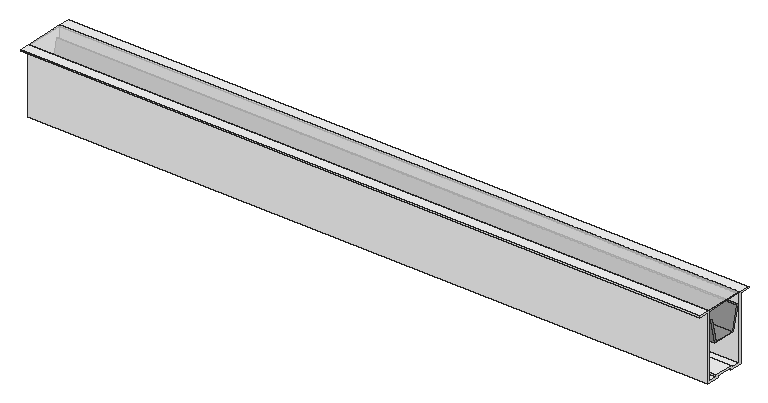
Revit family "2093165 Sylvania Lighting Fixture MC2 TRIM 0-9M 3K DALI WHT OPAL", category Lighting Fixtures, host Face, Revit 2016
Family settings
  Host = Face
  Part Type = Normal
  Round Connector Dimension = Use Diameter
  OmniClass Number = 23.80.70.11.17
  OmniClass Title = Specialized Lighting by Location or Use
  Cut with Voids When Loaded = No
  Light Source = Yes
  Shared = No
  Room Calculation Point = No
Parameters (values of type "2093165 MC2 TRIM 0.9M 3K DALI WHT OPAL")
  Width_SYL = 54.0 mm
  Weight = "1.8 kg"
  Wattage = 16 W
  WarrantyStartDate [instance] = "n/a"
  WarrantyGuarantorParts = "n/a"
  WarrantyDurationUnit = "n/a"
  WarrantyDurationParts = "n/a"
  WarrantyDescription = "n/a"
  built-in parameter 1150110 = 1 (stored number, unit not read)
  Voltage = 0 V
  URL = "http://www.sylvania-lighting.com"
  TypeName = "MC2 TRIM 0.9M 3K DALI WHT OPAL"
  built-in parameter 1114217 = 1 (stored number, unit not read)
  Tilt Angle = -90.00°
  built-in parameter 1150109 = 1 (stored number, unit not read)
  built-in parameter 1150134 = (empty or 0)
  built-in parameter 1150113 = 1 (stored number, unit not read)
  SerialNumber [instance] = "n/a"
  PowerFactor = 0.95
  PowerConsumption = "16 W"
  NominalWidth = 0.0 mm
  NominalLength = 900.0 mm
  NominalHeight = 86.0 mm
  Name = "MC2 TRIM 0.9M 3K DALI WHT OPAL"
  ModelReference = "MC2 TRIM 0.9M 3K DALI WHT OPAL"
  ModelNumber = "2093165"
  Material_3_SYL = Metal_Sylvania_Mini Contiuum II_Silver
  Photometric Web File = "2093165.ies"
  Material = "aluminium housing, polycarbonate diffuser"
  ManufacturerName = "Feilo Sylvania"
  LuminousEfficacy = "104 lm/W"
  LuminaireType = ""
  LightOutputRatio = "100"
  Length_SYL = 900.0 mm
  LampsType = Lamp  # "LED"
  LampNominalLuminous = "1657 lm"
  LampMacAdamStep = "3"
  LampColourTemperature = "3000 K"
  LampColourRenderingIndex = "80"
  Keynote = "16500"
  InstallationDate [instance] = "n/a"
  InputVoltage = "n/a"
  InputNominalFrequency = "n/a"
  IngressProtection = "IP20"
  ImpactProtectionIndex = "n/a"
  IfcExportType = "IfcLightFixtureType"
  IfcExportAs = "IfcLightFixtureType"
  Height_SYL = 86.0 mm
  ExpectedLife = 50000
  EndCapRight_SYL [instance] = no
  EndCapLeft_SYL [instance] = no
  Emit from Rectangle Width = Width_SYL - 2.0 mm  # 52.0 mm
  Emit from Rectangle Length = Length_SYL  # 900.0 mm
  Emit Shape Visible in Rendering = no
  ElectricShockClassification = "Class I"
  DurationUnit = "hours"
  DocumentationLiterature = "http://www.sylvania-lighting.com/product/en-int/products/2093165"
  DimmingControlOptions = "n/a"
  CreatedOn = "10/15/2018"
  CreatedBy = "@sylvania-lighting.com"
  built-in parameter 1114216 [instance] = 1 (stored number, unit not read)
  Model = "MC2 TRIM 0.9M 3K DALI WHT OPAL"
  Manufacturer = "Feilo Sylvania"  # constant formula
  built-in parameter 1150105 = 132.42 (stored number, unit not read)
  Lumens = 1664 lm
  built-in parameter 1150115 = 1 (stored number, unit not read)
  built-in parameter 1150137 = (empty or 0)
  built-in parameter 1150139 = (empty or 0)
  built-in parameter 1150112 = 1 (stored number, unit not read)
  built-in parameter 1150114 = 1 (stored number, unit not read)
  Lamp = "LED"
  built-in parameter 1150132 = 2
  built-in parameter 1150102 = (empty or 0)
  built-in parameter 1150107 = 3000 (stored number, unit not read)
  built-in parameter 1150138 = (empty or 0)
  built-in parameter 1150106 = 1.3242 (stored number, unit not read)
  Material_1_SYL = Metal_Sylvania_Mini Continuum II_White
  built-in parameter 1150104 = 9.6619 (stored number, unit not read)
  Dimming Lamp Color Temperature Shift = <None>
  Material_2_SYL = Polycarbonate_Sylvania_Mini Continuum II_Opal_4000K
  Description = "Mini Continuum II introduces a uniquely clean, simple LED lighting system offering continuous, highly uniform lines of light across walls and ceilings. This highly versatile lighting tool can be recessed, semi-recessed, surface-mounted or suspended, either vertically or horizontally. Available as direct/indirect or direct only distribution - both of which can be interconnected. Every batten has a plug and socket arrangement for easy and rapid electrical installation. Mini Continuum II Direct is available in two versions: one with an outside trim detail for plasterboard ceilings; and a trimless version for when a seamless effect is required. Dimmable DALI versions and 3hr non-maintained integral emergency options are available as standard options"  # constant formula
  Default Elevation = 0.0 mm
  Color Filter = 16777215
  built-in parameter 1140040 [instance] = 1
  BarCode [instance] = "n/a"
  built-in parameter 1114218 = 1 (stored number, unit not read)
  built-in parameter 1150133 = 10 (stored number, unit not read)
  AssetType = "Fixed"
  AssetIdentifier [instance] = "n/a"
  Assembly Code = "D5020200"
  Apparent Load = 16 VA
Reference planes
  plane 1 "Center (Front/Back)": y = 0
  plane 2 "Bottom Fixtures": z = 0
  plane 3 "Center (Left/Right)": x = 0
  plane 4 "Fixture Left": x = -450
  plane 5 "Fixture Right": x = 450
  plane 6 "Fixture Bottom": z = 2
  plane 7: z = 0
  plane 8: z = -2
  plane 9: z = -11.049
  plane 10: z = -41.049
  plane 11 "Fixture Top": z = -84
  plane 12: y = 27
  plane 13: y = -27
  plane 14: y = -26
  plane 15: y = -25
  plane 16: y = 26
  plane 17: y = 25
  plane 18: y = 11
  plane 19: y = -11
  plane 20: y = 24
  plane 21: y = 22
  plane 22: y = -22
  plane 23: y = 15
  plane 24: y = -15
  plane 25: y = 40
  plane 26: y = -40
  plane 27: x = -452
  plane 28: x = 452
Forms (mm)
  Extrusion 1, solid, material "Metal_Sylvania_Mini Continuum II_White" <- "Material_1_SYL", detail levels fine
    sketch origin (0, 0, -84) x (0, 1, 0) y (0, 0, 1)
      loop
        line (27, 84) -> (40, 84) -> (40, 86) -> (26, 86) -> (26, 84) -> (25, 84) -> (25, 2) -> (13, 2) -> (13, 4) -> (-13, 4) -> (-13, 2) -> (-25, 2) -> (-25, 84) -> (-26, 84) -> (-26, 86) -> (-40, 86) -> (-40, 84) -> (-27, 84) -> (-27, 0) -> (-11, 0) -> (-11, 2) -> (11, 2) -> (11, 0) -> (27, 0) -> (27, 84)
    from -450 to 450
  Extrusion 2, solid, material "Polycarbonate_Sylvania_Mini Continuum II_Opal_4000K" <- "Material_2_SYL", detail levels fine
    sketch origin (0, 0, -84) x (0, 1, 0) y (0, 0, 1)
      loop
        line (-26, 86) -> (-26, 84) -> (26, 84) -> (26, 86) -> (-26, 86)
    from -450 to 450
  Extrusion 3, solid, material "Metal_Sylvania_Mini Contiuum II_Silver" <- "Material_3_SYL", detail levels fine
    sketch origin (0, 0, -84) x (0, 1, 0) y (0, 0, 1)
      loop
        line (22, 72.951) -> (20.973, 72.951) -> (14.206, 43.951) -> (-14.206, 43.951) -> (-20.973, 72.951) -> (-22, 72.951) -> (-15, 42.951) -> (15, 42.951) -> (22, 72.951)
    from -450 to 450
  Extrusion 4, solid, material "Metal_Sylvania_Mini Continuum II_White" <- "Material_1_SYL", detail levels coarse+medium
    sketch origin (0, 0, -84) x (0, 1, 0) y (0, 0, 1)
      loop
        line (-27, 86) -> (-27, 0) -> (27, 0) -> (27, 86) -> (-27, 86)
    from -450 to 450
  Extrusion 5, solid, material "Metal_Sylvania_Mini Continuum II_White" <- "Material_1_SYL", detail levels coarse+medium
    sketch origin (0, 0, -84) x (0, 1, 0) y (0, 0, 1)
      loop
        line (40, 86) -> (27, 86) -> (27, 84) -> (40, 84) -> (40, 86)
      loop
        line (-27, 86) -> (-40, 86) -> (-40, 84) -> (-27, 84) -> (-27, 86)
    from -450 to 450
  Extrusion 6, void
    sketch origin (0, 0, 0) x (0, 1, 0) y (0, 0, 1)
      loop
        line (27, 0) -> (-27, 0) -> (-27, -84) -> (27, -84) -> (27, 0)
    from -450 to 450
  Extrusion 7, solid, material "Metal_Sylvania_Mini Continuum II_White" <- "Material_1_SYL", visible <- "EndCapLeft_SYL"
    sketch origin (-450, 171.684, 1219.2) x (0, 1, 0) y (0, 0, 1)
      loop
        line (-198.684, -1219.2) -> (-198.684, -1303.2) -> (-144.684, -1303.2) -> (-144.684, -1219.2) -> (-131.684, -1219.2) -> (-131.684, -1217.2) -> (-211.684, -1217.2) -> (-211.684, -1219.2) -> (-198.684, -1219.2)
    from 0 to -2
  Extrusion 8, solid, material "Metal_Sylvania_Mini Continuum II_White" <- "Material_1_SYL", visible <- "EndCapRight_SYL"
    sketch origin (450, 171.684, 1219.2) x (0, 1, 0) y (0, 0, -1)
      loop
        line (-131.684, 1217.2) -> (-131.684, 1219.2) -> (-144.684, 1219.2) -> (-144.684, 1303.2) -> (-198.684, 1303.2) -> (-198.684, 1219.2) -> (-211.684, 1219.2) -> (-211.684, 1217.2) -> (-131.684, 1217.2)
    from 0 to -2
Lines and regions (mm)
  Masking region 1
    outline origin (0, 0, -86) x (-1, 0, 0) y (0, -1, 0)
      loop
        line (450, -40) -> (450, 40) -> (-450, 40) -> (-450, -40) -> (450, -40)
  symbolic lines, detail levels fine
    curve 1: line (-450, 27, -86) -> (450, 27, -86)
    curve 2: line (-450, -27, -86) -> (450, -27, -86)
Dimensions and locks
  host sketch curve to plane 3 "Center (Left/Right)" to host sketch curve = 1260.0 mm, 1259.41 mm
  equal spacing: plane 4 "Fixture Left", plane 3 "Center (Left/Right)", plane 5 "Fixture Right"
  "Length_SYL": plane 4 "Fixture Left" to plane 5 "Fixture Right"
  plane 6 "Fixture Bottom" to plane 7 to plane 8 to plane 9 to plane 10 = 2.0 mm locked, 2.0 mm locked, 9.049 mm locked, 30.0 mm locked
  locked: Extrusion 1 sketch curve to Extrusion 1 sketch curve at 2
  "Height_SYL": plane 6 "Fixture Bottom" to plane 11 "Fixture Top"
  equal spacing: plane 12, plane 1 "Center (Front/Back)", plane 13
  plane 19 to plane 24 to plane 22 to plane 15 to plane 14 to plane 13 to plane 26 = 4.0 mm locked, 7.0 mm locked, 3.0 mm locked, 1.0 mm locked, 1.0 mm locked, 13.0 mm locked
  plane 25 to plane 12 to plane 16 to plane 17 to plane 20 to plane 21 to plane 23 to plane 18 = 13.0 mm locked, 1.0 mm locked, 1.0 mm locked, 1.0 mm locked, 2.0 mm locked, 7.0 mm locked, 4.0 mm locked
  "Width_SYL": plane 12 to plane 13
  equal spacing: plane 27, plane 3 "Center (Left/Right)", plane 28
  locked: plane 27 to plane 4 "Fixture Left" at 2
  aligned and locked: plane 2 "Bottom Fixtures" to host face
  aligned and locked: level to host face
  aligned and locked: Extrusion 1 sketch curve to plane 7  (x2)
  aligned and locked: plane 6 "Fixture Bottom" to Extrusion 1 sketch curve  (x2)
  aligned and locked: plane 7 to Extrusion 1 sketch curve
  aligned and locked: Extrusion 1 to Extrusion 2 sketch curve
  aligned and locked: Extrusion 2 sketch curve to Extrusion 1  (x3)
  aligned and locked: Extrusion 3 sketch curve to plane 10
  aligned and locked: plane 9 to Extrusion 3 sketch curve
  aligned and locked: Extrusion 3 sketch curve to plane 9
  aligned and locked: Extrusion 4 sketch curve to plane 6 "Fixture Bottom"
  aligned and locked: Extrusion 5 sketch curve to Extrusion 1  (x6)
  aligned and locked: Extrusion 4 to Extrusion 5 sketch curve
  aligned and locked: Extrusion 5 sketch curve to Extrusion 4
  aligned and locked: Extrusion 1 to Extrusion 6 sketch curve
  aligned and locked: Extrusion 6 sketch curve to Extrusion 1
  aligned and locked: Extrusion 6 sketch curve to plane 11 "Fixture Top"
  aligned and locked: Extrusion 6 sketch curve to plane 13
  aligned and locked: Extrusion 6 to plane 5 "Fixture Right"
  aligned and locked: plane 6 "Fixture Bottom" to imposter light
  aligned and locked: Masking region 1 sketch curve to Extrusion 1  (x4)
  aligned and locked: plane 5 "Fixture Right" to curve 1
  aligned and locked: plane 4 "Fixture Left" to curve 1
  aligned and locked: plane 12 to curve 1
  aligned and locked: plane 4 "Fixture Left" to curve 2
  aligned and locked: plane 5 "Fixture Right" to curve 2
  aligned and locked: curve 2 to plane 13
  aligned and locked: Extrusion 4 to plane 5 "Fixture Right"
  aligned and locked: Extrusion 1 to plane 5 "Fixture Right"
  aligned and locked: Extrusion 3 to plane 5 "Fixture Right"
  aligned and locked: Extrusion 4 to plane 4 "Fixture Left"
  aligned and locked: Extrusion 1 to plane 4 "Fixture Left"
  aligned and locked: Extrusion 3 to plane 4 "Fixture Left"
  aligned and locked: Extrusion 2 to plane 5 "Fixture Right"
  aligned and locked: Extrusion 5 to plane 5 "Fixture Right"
  aligned and locked: Extrusion 5 to plane 4 "Fixture Left"
  aligned and locked: Extrusion 2 to plane 4 "Fixture Left"
  aligned and locked: Extrusion 6 to plane 4 "Fixture Left"
  aligned and locked: Extrusion 4 to Extrusion 7 sketch curve
  aligned and locked: Extrusion 7 sketch curve to Extrusion 4  (x2)
  aligned and locked: Extrusion 7 sketch curve to Extrusion 5  (x4)
  aligned and locked: plane 6 "Fixture Bottom" to Extrusion 7 sketch curve
  aligned and locked: Extrusion 7 to plane 27
  aligned and locked: plane 4 "Fixture Left" to Extrusion 7
  aligned and locked: Extrusion 8 sketch curve to Extrusion 7  (x8)
  aligned and locked: plane 28 to Extrusion 8
  aligned and locked: plane 5 "Fixture Right" to Extrusion 8
Automatic sketch dimensions
  host sketch curve to host sketch curve = 1047.463 mm
  Extrusion 1 sketch curve to plane 26 = 0.0 mm
  Extrusion 1 sketch curve to plane 13 = 0.0 mm
  Extrusion 1 sketch curve to plane 14 = 0.0 mm
  Extrusion 1 sketch curve to plane 15 = 0.0 mm
  Extrusion 1 sketch curve to plane 19 = 0.0 mm
  Extrusion 1 sketch curve to plane 18 = 0.0 mm
  Extrusion 1 sketch curve to plane 17 = 0.0 mm
  Extrusion 1 sketch curve to plane 16 = 0.0 mm
  Extrusion 1 sketch curve to level = 0.0 mm
  Extrusion 1 sketch curve to plane 12 = 0.0 mm
  Extrusion 1 sketch curve to plane 25 = 0.0 mm
  Extrusion 1 sketch curve to plane 11 "Fixture Top" = 0.0 mm  (x2)
  Extrusion 1 sketch curve to plane 19 = 2.0 mm
  Extrusion 1 sketch curve to plane 18 = 2.0 mm
  plane 11 "Fixture Top" to Extrusion 1 sketch curve = 2.0 mm  (x3)
  Extrusion 3 sketch curve to plane 22 = 0.0 mm
  Extrusion 3 sketch curve to plane 24 = 0.0 mm
  Extrusion 3 sketch curve to plane 23 = 0.0 mm
  Extrusion 3 sketch curve to plane 21 = 0.0 mm
  plane 10 to Extrusion 3 sketch curve = 1.0 mm
  Extrusion 3 sketch curve to Extrusion 3 sketch curve = 1.027 mm  (x2)
  plane 24 to Extrusion 3 sketch curve = 0.794 mm
  plane 23 to Extrusion 3 sketch curve = 0.794 mm
  Extrusion 4 sketch curve to plane 11 "Fixture Top" = 0.0 mm
  Extrusion 4 sketch curve to plane 13 = 0.0 mm
  Extrusion 4 sketch curve to plane 12 = 0.0 mm
Connectors
  electrical at (-450, 0, 0), driven by "Apparent Load"
    settings: index 1, voltage 230 V, apparent load 0 VA, apparent load phase1 16 VA, apparent load phase2 0 VA, apparent load phase3 0 VA, power factor 1, load classification "Lighting", number of poles 1, system type 31, power factor state 1, is connector primary yes, connector utility no, sub classification motor no, connector description ""
